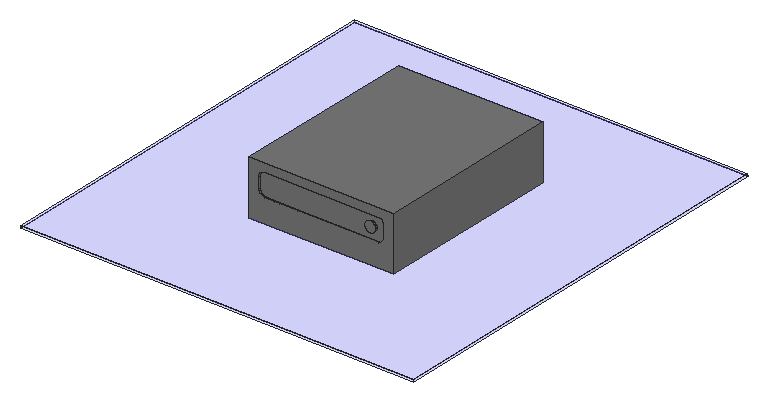
Revit family "QSC QIO-S4,IR1x4,GP8x8", category Communication Devices, host Face, Revit 2018
Family settings
  Host = Face
  Maintain Annotation Orientation = No
  Round Connector Dimension = Use Diameter
  Part Type = Normal
  Cut with Voids When Loaded = No
  Shared = No
  Room Calculation Point = No
Parameters (values of type "QIO-GP8x8")
  Width = 108 mm  # constant formula
  Weight Product (lb) = 1.18  # constant formula
  Weight Product (kg) = 0.54  # constant formula
  Voltage DC = "24 VDC, or PoE 802.3af Type 1"  # constant formula
  URL = "https://www.qsc.com/products-solutions/q-sys/control-io-controllers/qio-series/"
  Temperature min = "0° C"  # constant formula
  Temperature Max = "50° C"  # constant formula
  Show Surface Mount [instance] = no
  Regulatory Compliance = "FCC 47 CFR Part 15, IC ICES-003, CE (EN55032, EN55035), EU RoHS directive 2011/65/EU, WEEE directive 2012/19/EU, China RoHS directive GB/T26572, EAC, UL, C-UL, NOM-019"  # constant formula
  Rack Units = 1  # constant formula
  Product Page URL = "https://www.qsc.com/products-solutions/q-sys/control-io-controllers/qio-series/"
  Product Documentation Link = "https://www.qsc.com/resource-files/productresources/dn/qio_series/q_dn_qsys_qio_gp8x8_specs.pdf"
  Mounting Width = 108 mm  # constant formula
  Mount Type = "Surface or Rack"  # constant formula
  Model = "QIO-GP8x8"
  Manufacturer URL = "http://www.qsc.com"
  Manufacturer = "QSC, LLC"  # constant formula
  Height = 40.4 mm  # constant formula
  Description = "Network GPIO Expander for Q-SYS"
  Depth = 139.7 mm  # constant formula
  Default Elevation = 0 mm
  Current Draw = 2.5  # constant formula
  Enclosure Material [instance] = Dark Gray Finish
  Communication Ports = "8 CONFIGURABLE GPI, 8 CONFIGURABLE GPO, LAN, LAN (THRU)"
Types (4, lengths in mm): name | Product Documentation Link | Model | Description | Communication Ports
  (no name) | "https://www.qsc.com/resource-files/productresources/dn/qio_series/q_dn_qsys_qio_gp8x8_specs.pdf" | "QIO-GP8x8" | "Network GPIO Expander for Q-SYS" | "8 CONFIGURABLE GPI, 8 CONFIGURABLE GPO, LAN, LAN (THRU)"
  QIO-S4 | "https://www.qsc.com/resource-files/productresources/dn/qio_series/q_dn_qsys_qio_s4_specs.pdf" | "QIO-S4" | "Network Serial I/O Expander for Q-SYS" | "1 RS-232/485/422, 3 RS-232, LAN, LAN (THRU)"
  QIO-IR1x4 | "https://www.qsc.com/resource-files/productresources/dn/qio_series/q_dn_qsys_qio_ir1x4_specs.pdf" | "QIO-IR1x4" | "Network IR I/O Expander for Q-SYS" | "4 IR/RS-232 (TX ONLY), 1 IR INPUT, LAN, LAN (THRU)"
  QIO-GP8x8 | "https://www.qsc.com/resource-files/productresources/dn/qio_series/q_dn_qsys_qio_gp8x8_specs.pdf" | "QIO-GP8x8" | "Network GPIO Expander for Q-SYS" | "8 CONFIGURABLE GPI, 8 CONFIGURABLE GPO, LAN, LAN (THRU)"
Reference planes
  plane 1 "Center (Front/Back)": y = 0
  plane 2: z = 0
  plane 3 "Center (Left/Right)": x = 0
  plane 4 "Left": x = -54
  plane 5 "Right": x = 54
  plane 6 "Back": y = 69.85
  plane 7 "Front": y = -69.85
  plane 8 "Top": z = 40.4
  plane 9: x = 69.509
  plane 10: x = -69.509
  plane 11: y = -24.997
  plane 12: y = 24.997
Forms (mm)
  Extrusion 1, solid, material "Glass"
    sketch origin (0, 0, 0) x (1, 0, 0) y (0, 1, 0)
      loop
        line (-152.4, 152.4) -> (-152.4, -160.792) -> (141.744, -160.792) -> (141.744, 152.4) -> (-152.4, 152.4)
    from 0 to -2.007
  Extrusion 2, solid, material "Dark Gray Finish" <- "Enclosure Material", visible <- "Show Surface Mount"
    sketch origin (0, 0, 0) x (1, 0, 0) y (0, 1, 0)
      loop
        line (-69.509, 24.997) -> (-69.509, -24.997) -> (69.509, -24.997) -> (69.509, 24.997) -> (-69.509, 24.997)
      loop
        circle (-62.544, -18) r 2.75
      loop
        circle (62.456, -18) r 2.75
      loop
        circle (-62.544, 18) r 2.75
      loop
        circle (62.456, 18) r 2.75
      loop
        arc (-64.844, -7.75) -> (-62.544, -10.05) -> (-60.244, -7.75) r 2.3
        line (-60.244, -7.75) -> (-60.244, -3.633)
        arc (-60.244, -3.633) -> (-58.244, 0) -> (-60.244, 3.633) r 4.3
        line (-60.244, 3.633) -> (-60.244, 7.75)
        arc (-60.244, 7.75) -> (-62.544, 10.05) -> (-64.844, 7.75) r 2.3
        line (-64.844, 7.75) -> (-64.844, 3.633)
        arc (-64.844, 3.633) -> (-66.844, 0) -> (-64.844, -3.633) r 4.3
        line (-64.844, -3.633) -> (-64.844, -7.75)
      loop
        arc (59.656, -7.75) -> (61.956, -10.05) -> (64.256, -7.75) r 2.3
        line (64.256, -7.75) -> (64.256, -3.633)
        arc (64.256, -3.633) -> (66.256, 0) -> (64.256, 3.633) r 4.3
        line (64.256, 3.633) -> (64.256, 7.75)
        arc (64.256, 7.75) -> (61.956, 10.05) -> (59.656, 7.75) r 2.3
        line (59.656, 7.75) -> (59.656, 3.633)
        arc (59.656, 3.633) -> (57.656, 0) -> (59.656, -3.633) r 4.3
        line (59.656, -3.633) -> (59.656, -7.75)
    from 0 to 1
  Extrusion 3, solid, material "Dark Gray Finish" <- "Enclosure Material"
    sketch origin (0, 0, 0) x (1, 0, 0) y (0, 1, 0)
      loop
        line (-54, 69.85) -> (-54, -69.85) -> (54, -69.85) -> (54, 69.85) -> (-54, 69.85)
    from 0 to 40.4
  Extrusion 4, void
    sketch origin (0, -69.85, 0) x (-1, 0, 0) y (0, 0, 1)
      loop
        line (42.144, 34.475) -> (-42.556, 34.475)
        arc (-42.556, 34.475) -> (-45.738, 33.157) -> (-47.056, 29.975) r 4.5
        line (-47.056, 29.975) -> (-47.056, 21.875)
        arc (-47.056, 21.875) -> (-45.738, 18.693) -> (-42.556, 17.375) r 4.5
        line (-42.556, 17.375) -> (42.144, 17.375)
        arc (42.144, 17.375) -> (45.326, 18.693) -> (46.644, 21.875) r 4.5
        line (46.644, 21.875) -> (46.644, 29.975)
        arc (46.644, 29.975) -> (45.326, 33.157) -> (42.144, 34.475) r 4.5
      loop
        circle (-36.788, 25.599) r 4
    from 0 to 1
  Extrusion 5, void
    sketch origin (-129.576, 69.85, 1219.2) x (1, 0, 0) y (0, 0, 1)
      loop
        line (92.395, -1184.496) -> (83.895, -1184.496) -> (83.895, -1192.996) -> (92.395, -1192.996) -> (92.395, -1184.496)
      loop
        line (92.395, -1204.961) -> (83.895, -1204.961) -> (83.895, -1213.461) -> (92.395, -1213.461) -> (92.395, -1204.961)
      loop
        line (112.609, -1197.019) -> (112.609, -1189.519) -> (110.109, -1189.519) -> (110.109, -1188.269) -> (109.328, -1188.269) -> (109.328, -1187.019) -> (102.889, -1187.019) -> (102.889, -1188.269) -> (102.109, -1188.269) -> (102.109, -1189.519) -> (99.609, -1189.519) -> (99.609, -1197.019) -> (112.609, -1197.019)
      loop
        line (112.609, -1202.334) -> (99.609, -1202.334) -> (99.609, -1209.834) -> (102.109, -1209.834) -> (102.109, -1211.084) -> (102.889, -1211.084) -> (102.889, -1212.334) -> (109.328, -1212.334) -> (109.328, -1211.084) -> (110.109, -1211.084) -> (110.109, -1209.834) -> (112.609, -1209.834) -> (112.609, -1202.334)
      loop
        line (114.72, -1186.135) -> (97.72, -1186.135) -> (97.72, -1213.135) -> (114.72, -1213.135) -> (114.72, -1186.135)
      loop
        line (115.22, -1185.635) -> (97.22, -1185.635) -> (97.22, -1213.635) -> (115.22, -1213.635) -> (115.22, -1185.635)
      loop
        line (125.125, -1213.59) -> (171.125, -1213.59) -> (171.125, -1185.635) -> (125.125, -1185.635) -> (125.125, -1213.59)
    from 0 to 1
  Extrusion 6, solid, material "Dark Gray Finish" <- "Enclosure Material", visible <- "Show Surface Mount"
    sketch origin (-54, 0, 0) x (0, 1, 0) y (0, 0, 1)
      loop
        line (24.997, 0) -> (24.997, 21.098)
        arc (24.997, 21.098) -> (19.96, 27.073) -> (13.325, 31.2) r 25
        line (13.325, 31.2) -> (-13.318, 31.2)
        arc (-13.318, 31.2) -> (-19.958, 27.068) -> (-24.997, 21.087) r 25
        line (-24.997, 21.087) -> (-24.997, 0) -> (24.997, 0)
      loop
        circle (15.05, 21.2) r 2.25
      loop
        circle (-14.95, 21.2) r 2.25
    from -1 to 110
  Extrusion 7, void
    sketch origin (-213.601, 0, 0) x (0, 1, 0) y (0, 0, 1)
      loop
        line (24.997, 31.2) -> (-24.997, 31.2) -> (-24.997, 0) -> (24.997, 0) -> (24.997, 31.2)
    from 159.601 to 267.601
Cuts and joins
  Extrusion 4, Extrusion 5 cuts Extrusion 3
  Extrusion 7 cuts Extrusion 2
  Extrusion 7 cuts Extrusion 6
  joined: Extrusion 2, Extrusion 6
Lines and regions (mm)
  model lines
    curve 1: circle (-47.041, -69.85, 4.815) r 1.5 normal (0, 1, 0)
    curve 2: circle (-42.541, -69.85, 4.815) r 1.5 normal (0, 1, 0)
    curve 3: circle (-38.041, -69.85, 4.815) r 1.5 normal (0, 1, 0)
    curve 4: circle (-33.541, -69.85, 4.815) r 1.5 normal (0, 1, 0)
    curve 5: circle (-29.041, -69.85, 4.815) r 1.5 normal (0, 1, 0)
    curve 6: circle (-24.541, -69.85, 4.815) r 1.5 normal (0, 1, 0)
    curve 7: circle (-20.041, -69.85, 4.815) r 1.5 normal (0, 1, 0)
    curve 8: circle (-15.541, -69.85, 4.815) r 1.5 normal (0, 1, 0)
    curve 9: circle (-11.041, -69.85, 4.815) r 1.5 normal (0, 1, 0)
    curve 10: circle (-6.541, -69.85, 4.815) r 1.5 normal (0, 1, 0)
    curve 11: circle (-2.041, -69.85, 4.815) r 1.5 normal (0, 1, 0)
    curve 12: circle (2.459, -69.85, 4.815) r 1.5 normal (0, 1, 0)
    curve 13: circle (6.959, -69.85, 4.815) r 1.5 normal (0, 1, 0)
    curve 14: circle (11.459, -69.85, 4.815) r 1.5 normal (0, 1, 0)
    curve 15: circle (15.959, -69.85, 4.815) r 1.5 normal (0, 1, 0)
    curve 16: circle (20.459, -69.85, 4.815) r 1.5 normal (0, 1, 0)
    curve 17: circle (24.959, -69.85, 4.815) r 1.5 normal (0, 1, 0)
    curve 18: circle (29.459, -69.85, 4.815) r 1.5 normal (0, 1, 0)
    curve 19: circle (33.959, -69.85, 4.815) r 1.5 normal (0, 1, 0)
    curve 20: circle (38.459, -69.85, 4.815) r 1.5 normal (0, 1, 0)
    curve 21: circle (42.959, -69.85, 4.815) r 1.5 normal (0, 1, 0)
    curve 22: circle (47.459, -69.85, 4.815) r 1.5 normal (0, 1, 0)
    curve 23: circle (-47.041, -69.85, 9.815) r 1.5 normal (0, 1, 0)
    curve 24: circle (-42.541, -69.85, 9.815) r 1.5 normal (0, 1, 0)
    curve 25: circle (-38.041, -69.85, 9.815) r 1.5 normal (0, 1, 0)
    curve 26: circle (-33.541, -69.85, 9.815) r 1.5 normal (0, 1, 0)
    curve 27: circle (-29.041, -69.85, 9.815) r 1.5 normal (0, 1, 0)
    curve 28: circle (-24.541, -69.85, 9.815) r 1.5 normal (0, 1, 0)
    curve 29: circle (-20.041, -69.85, 9.815) r 1.5 normal (0, 1, 0)
    curve 30: circle (-15.541, -69.85, 9.815) r 1.5 normal (0, 1, 0)
    curve 31: circle (-11.041, -69.85, 9.815) r 1.5 normal (0, 1, 0)
    curve 32: circle (-6.541, -69.85, 9.815) r 1.5 normal (0, 1, 0)
    curve 33: circle (-2.041, -69.85, 9.815) r 1.5 normal (0, 1, 0)
    curve 34: circle (2.459, -69.85, 9.815) r 1.5 normal (0, 1, 0)
    curve 35: circle (6.959, -69.85, 9.815) r 1.5 normal (0, 1, 0)
    curve 36: circle (11.459, -69.85, 9.815) r 1.5 normal (0, 1, 0)
    curve 37: circle (15.959, -69.85, 9.815) r 1.5 normal (0, 1, 0)
    curve 38: circle (20.459, -69.85, 9.815) r 1.5 normal (0, 1, 0)
    curve 39: circle (24.959, -69.85, 9.815) r 1.5 normal (0, 1, 0)
    curve 40: circle (29.459, -69.85, 9.815) r 1.5 normal (0, 1, 0)
    curve 41: circle (33.959, -69.85, 9.815) r 1.5 normal (0, 1, 0)
    curve 42: circle (38.459, -69.85, 9.815) r 1.5 normal (0, 1, 0)
    curve 43: circle (42.959, -69.85, 9.815) r 1.5 normal (0, 1, 0)
    curve 44: circle (47.459, -69.85, 9.815) r 1.5 normal (0, 1, 0)
    curve 45: circle (-47.041, -69.85, 14.815) r 1.5 normal (0, 1, 0)
    curve 46: circle (-42.541, -69.85, 14.815) r 1.5 normal (0, 1, 0)
    curve 47: circle (-38.041, -69.85, 14.815) r 1.5 normal (0, 1, 0)
    curve 48: circle (-33.541, -69.85, 14.815) r 1.5 normal (0, 1, 0)
    curve 49: circle (-29.041, -69.85, 14.815) r 1.5 normal (0, 1, 0)
    curve 50: circle (-24.541, -69.85, 14.815) r 1.5 normal (0, 1, 0)
    curve 51: circle (-20.041, -69.85, 14.815) r 1.5 normal (0, 1, 0)
    curve 52: circle (-15.541, -69.85, 14.815) r 1.5 normal (0, 1, 0)
    curve 53: circle (-11.041, -69.85, 14.815) r 1.5 normal (0, 1, 0)
    curve 54: circle (-6.541, -69.85, 14.815) r 1.5 normal (0, 1, 0)
    curve 55: circle (-2.041, -69.85, 14.815) r 1.5 normal (0, 1, 0)
    curve 56: circle (2.459, -69.85, 14.815) r 1.5 normal (0, 1, 0)
    curve 57: circle (6.959, -69.85, 14.815) r 1.5 normal (0, 1, 0)
    curve 58: circle (11.459, -69.85, 14.815) r 1.5 normal (0, 1, 0)
    curve 59: circle (15.959, -69.85, 14.815) r 1.5 normal (0, 1, 0)
    curve 60: circle (20.459, -69.85, 14.815) r 1.5 normal (0, 1, 0)
    curve 61: circle (24.959, -69.85, 14.815) r 1.5 normal (0, 1, 0)
    curve 62: circle (29.459, -69.85, 14.815) r 1.5 normal (0, 1, 0)
    curve 63: circle (33.959, -69.85, 14.815) r 1.5 normal (0, 1, 0)
    curve 64: circle (38.459, -69.85, 14.815) r 1.5 normal (0, 1, 0)
    curve 65: circle (42.959, -69.85, 14.815) r 1.5 normal (0, 1, 0)
    curve 66: circle (47.459, -69.85, 14.815) r 1.5 normal (0, 1, 0)
    curve 67: line (52.003, 69.85, 38.348) -> (48.503, 69.85, 38.348)
    curve 68: line (52.003, 69.85, 34.848) -> (52.003, 69.85, 38.348)
    curve 69: line (48.503, 69.85, 34.848) -> (52.003, 69.85, 34.848)
    curve 70: line (48.503, 69.85, 38.348) -> (48.503, 69.85, 34.848)
    curve 71: line (47.103, 69.85, 38.348) -> (43.603, 69.85, 38.348)
    curve 72: line (47.103, 69.85, 34.848) -> (47.103, 69.85, 38.348)
    curve 73: line (43.603, 69.85, 34.848) -> (47.103, 69.85, 34.848)
    curve 74: line (43.603, 69.85, 38.348) -> (43.603, 69.85, 34.848)
    curve 75: line (52.003, 69.85, 33.448) -> (48.503, 69.85, 33.448)
    curve 76: line (52.003, 69.85, 29.948) -> (52.003, 69.85, 33.448)
    curve 77: line (48.503, 69.85, 29.948) -> (52.003, 69.85, 29.948)
    curve 78: line (48.503, 69.85, 33.448) -> (48.503, 69.85, 29.948)
    curve 79: line (47.103, 69.85, 33.448) -> (43.603, 69.85, 33.448)
    curve 80: line (47.103, 69.85, 29.948) -> (47.103, 69.85, 33.448)
    curve 81: line (43.603, 69.85, 29.948) -> (47.103, 69.85, 29.948)
    curve 82: line (43.603, 69.85, 33.448) -> (43.603, 69.85, 29.948)
    curve 83: line (52.003, 69.85, 28.548) -> (48.503, 69.85, 28.548)
    curve 84: line (52.003, 69.85, 25.048) -> (52.003, 69.85, 28.548)
    curve 85: line (48.503, 69.85, 25.048) -> (52.003, 69.85, 25.048)
    curve 86: line (48.503, 69.85, 28.548) -> (48.503, 69.85, 25.048)
    curve 87: line (47.103, 69.85, 28.548) -> (43.603, 69.85, 28.548)
    curve 88: line (47.103, 69.85, 25.048) -> (47.103, 69.85, 28.548)
    curve 89: line (43.603, 69.85, 25.048) -> (47.103, 69.85, 25.048)
    curve 90: line (43.603, 69.85, 28.548) -> (43.603, 69.85, 25.048)
    curve 91: line (-6.797, 69.85, 28.548) -> (-10.297, 69.85, 28.548)
    curve 92: line (-6.797, 69.85, 25.048) -> (-6.797, 69.85, 28.548)
    curve 93: line (-10.297, 69.85, 25.048) -> (-6.797, 69.85, 25.048)
    curve 94: line (-10.297, 69.85, 28.548) -> (-10.297, 69.85, 25.048)
    curve 95: line (52.003, 69.85, 23.648) -> (48.503, 69.85, 23.648)
    curve 96: line (52.003, 69.85, 20.148) -> (52.003, 69.85, 23.648)
    curve 97: line (48.503, 69.85, 20.148) -> (52.003, 69.85, 20.148)
    curve 98: line (48.503, 69.85, 23.648) -> (48.503, 69.85, 20.148)
    curve 99: line (47.103, 69.85, 23.648) -> (43.603, 69.85, 23.648)
    curve 100: line (47.103, 69.85, 20.148) -> (47.103, 69.85, 23.648)
    curve 101: line (43.603, 69.85, 20.148) -> (47.103, 69.85, 20.148)
    curve 102: line (43.603, 69.85, 23.648) -> (43.603, 69.85, 20.148)
    curve 103: line (-6.797, 69.85, 23.648) -> (-10.297, 69.85, 23.648)
    curve 104: line (-6.797, 69.85, 20.148) -> (-6.797, 69.85, 23.648)
    curve 105: line (-10.297, 69.85, 20.148) -> (-6.797, 69.85, 20.148)
    curve 106: line (-10.297, 69.85, 23.648) -> (-10.297, 69.85, 20.148)
    curve 107: line (52.003, 69.85, 18.748) -> (48.503, 69.85, 18.748)
    curve 108: line (52.003, 69.85, 15.248) -> (52.003, 69.85, 18.748)
    curve 109: line (48.503, 69.85, 15.248) -> (52.003, 69.85, 15.248)
    curve 110: line (48.503, 69.85, 18.748) -> (48.503, 69.85, 15.248)
    curve 111: line (47.103, 69.85, 18.748) -> (43.603, 69.85, 18.748)
    curve 112: line (47.103, 69.85, 15.248) -> (47.103, 69.85, 18.748)
    curve 113: line (43.603, 69.85, 15.248) -> (47.103, 69.85, 15.248)
    curve 114: line (43.603, 69.85, 18.748) -> (43.603, 69.85, 15.248)
    curve 115: line (-6.797, 69.85, 18.748) -> (-10.297, 69.85, 18.748)
    curve 116: line (-6.797, 69.85, 15.248) -> (-6.797, 69.85, 18.748)
    curve 117: line (-10.297, 69.85, 15.248) -> (-6.797, 69.85, 15.248)
    curve 118: line (-10.297, 69.85, 18.748) -> (-10.297, 69.85, 15.248)
    curve 119: line (52.003, 69.85, 13.848) -> (48.503, 69.85, 13.848)
    curve 120: line (52.003, 69.85, 10.348) -> (52.003, 69.85, 13.848)
    curve 121: line (48.503, 69.85, 10.348) -> (52.003, 69.85, 10.348)
    curve 122: line (48.503, 69.85, 13.848) -> (48.503, 69.85, 10.348)
    curve 123: line (47.103, 69.85, 13.848) -> (43.603, 69.85, 13.848)
    curve 124: line (47.103, 69.85, 10.348) -> (47.103, 69.85, 13.848)
    curve 125: line (43.603, 69.85, 10.348) -> (47.103, 69.85, 10.348)
    curve 126: line (43.603, 69.85, 13.848) -> (43.603, 69.85, 10.348)
    curve 127: line (52.003, 69.85, 8.948) -> (48.503, 69.85, 8.948)
    curve 128: line (52.003, 69.85, 5.448) -> (52.003, 69.85, 8.948)
    curve 129: line (48.503, 69.85, 5.448) -> (52.003, 69.85, 5.448)
    curve 130: line (48.503, 69.85, 8.948) -> (48.503, 69.85, 5.448)
    curve 131: line (47.103, 69.85, 8.948) -> (43.603, 69.85, 8.948)
    curve 132: line (47.103, 69.85, 5.448) -> (47.103, 69.85, 8.948)
    curve 133: line (43.603, 69.85, 5.448) -> (47.103, 69.85, 5.448)
    curve 134: line (43.603, 69.85, 8.948) -> (43.603, 69.85, 5.448)
    curve 135: line (-47.997, 69.85, 38.348) -> (-51.497, 69.85, 38.348)
    curve 136: line (-47.997, 69.85, 34.848) -> (-47.997, 69.85, 38.348)
    curve 137: line (-51.497, 69.85, 34.848) -> (-47.997, 69.85, 34.848)
    curve 138: line (-51.497, 69.85, 38.348) -> (-51.497, 69.85, 34.848)
    curve 139: line (-47.997, 69.85, 33.448) -> (-51.497, 69.85, 33.448)
    curve 140: line (-47.997, 69.85, 29.948) -> (-47.997, 69.85, 33.448)
    curve 141: line (-51.497, 69.85, 29.948) -> (-47.997, 69.85, 29.948)
    curve 142: line (-51.497, 69.85, 33.448) -> (-51.497, 69.85, 29.948)
    curve 143: line (-47.997, 69.85, 28.548) -> (-51.497, 69.85, 28.548)
    curve 144: line (-47.997, 69.85, 25.048) -> (-47.997, 69.85, 28.548)
    curve 145: line (-51.497, 69.85, 25.048) -> (-47.997, 69.85, 25.048)
    curve 146: line (-51.497, 69.85, 28.548) -> (-51.497, 69.85, 25.048)
    curve 147: line (-47.997, 69.85, 23.648) -> (-51.497, 69.85, 23.648)
    curve 148: line (-47.997, 69.85, 20.148) -> (-47.997, 69.85, 23.648)
    curve 149: line (-51.497, 69.85, 20.148) -> (-47.997, 69.85, 20.148)
    curve 150: line (-51.497, 69.85, 23.648) -> (-51.497, 69.85, 20.148)
    curve 151: line (-47.997, 69.85, 18.748) -> (-51.497, 69.85, 18.748)
    curve 152: line (-47.997, 69.85, 15.248) -> (-47.997, 69.85, 18.748)
    curve 153: line (-51.497, 69.85, 15.248) -> (-47.997, 69.85, 15.248)
    curve 154: line (-51.497, 69.85, 18.748) -> (-51.497, 69.85, 15.248)
    curve 155: line (-47.997, 69.85, 13.848) -> (-51.497, 69.85, 13.848)
    curve 156: line (-47.997, 69.85, 10.348) -> (-47.997, 69.85, 13.848)
    curve 157: line (-51.497, 69.85, 10.348) -> (-47.997, 69.85, 10.348)
    curve 158: line (-51.497, 69.85, 13.848) -> (-51.497, 69.85, 10.348)
    curve 159: line (-47.997, 31.75, 8.948) -> (-51.497, 31.75, 8.948)
    curve 160: line (-47.997, 31.75, 5.448) -> (-47.997, 31.75, 8.948)
    curve 161: line (-51.497, 31.75, 5.448) -> (-47.997, 31.75, 5.448)
    curve 162: line (-51.497, 31.75, 8.948) -> (-51.497, 31.75, 5.448)
    curve 379: circle (-54, 34.299, 26.504) r 1.5 normal (-1, 0, 0)
    curve 380: circle (-54, 38.799, 26.504) r 1.5 normal (-1, 0, 0)
    curve 381: circle (-54, 43.299, 26.504) r 1.5 normal (-1, 0, 0)
    curve 382: circle (-54, 47.799, 26.504) r 1.5 normal (-1, 0, 0)
    curve 383: circle (-54, 52.299, 26.504) r 1.5 normal (-1, 0, 0)
    curve 384: circle (-54, 56.799, 26.504) r 1.5 normal (-1, 0, 0)
    curve 385: circle (-54, 61.299, 26.504) r 1.5 normal (-1, 0, 0)
    curve 386: circle (-54, 65.799, 26.504) r 1.5 normal (-1, 0, 0)
    curve 387: circle (-54, 29.799, 31.504) r 1.5 normal (-1, 0, 0)
    curve 388: circle (-54, 34.299, 31.504) r 1.5 normal (-1, 0, 0)
    curve 389: circle (-54, 38.799, 31.504) r 1.5 normal (-1, 0, 0)
    curve 390: circle (-54, 43.299, 31.504) r 1.5 normal (-1, 0, 0)
    curve 391: circle (-54, 47.799, 31.504) r 1.5 normal (-1, 0, 0)
    curve 392: circle (-54, 52.299, 31.504) r 1.5 normal (-1, 0, 0)
    curve 393: circle (-54, 56.799, 31.504) r 1.5 normal (-1, 0, 0)
    curve 394: circle (-54, 61.299, 31.504) r 1.5 normal (-1, 0, 0)
    curve 395: circle (-54, 65.799, 31.504) r 1.5 normal (-1, 0, 0)
    curve 396: circle (-54, 25.299, 36.504) r 1.5 normal (-1, 0, 0)
    curve 397: circle (-54, 29.799, 36.504) r 1.5 normal (-1, 0, 0)
    curve 398: circle (-54, 34.299, 36.504) r 1.5 normal (-1, 0, 0)
    curve 399: circle (-54, 38.799, 36.504) r 1.5 normal (-1, 0, 0)
    curve 400: circle (-54, 43.299, 36.504) r 1.5 normal (-1, 0, 0)
    curve 401: circle (-54, 47.799, 36.504) r 1.5 normal (-1, 0, 0)
    curve 402: circle (-54, 52.299, 36.504) r 1.5 normal (-1, 0, 0)
    curve 403: circle (-54, 56.799, 36.504) r 1.5 normal (-1, 0, 0)
    curve 404: circle (-54, 61.299, 36.504) r 1.5 normal (-1, 0, 0)
    curve 405: circle (-54, 65.799, 36.504) r 1.5 normal (-1, 0, 0)
    curve 406: circle (54, 34.299, 26.504) r 1.5 normal (-1, 0, 0)
    curve 407: circle (54, 38.799, 26.504) r 1.5 normal (-1, 0, 0)
    curve 408: circle (54, 43.299, 26.504) r 1.5 normal (-1, 0, 0)
    curve 409: circle (54, 47.799, 26.504) r 1.5 normal (-1, 0, 0)
    curve 410: circle (54, 52.299, 26.504) r 1.5 normal (-1, 0, 0)
    curve 411: circle (54, 56.799, 26.504) r 1.5 normal (-1, 0, 0)
    curve 412: circle (54, 61.299, 26.504) r 1.5 normal (-1, 0, 0)
    curve 413: circle (54, 65.799, 26.504) r 1.5 normal (-1, 0, 0)
    curve 414: circle (54, 29.799, 31.504) r 1.5 normal (-1, 0, 0)
    curve 415: circle (54, 34.299, 31.504) r 1.5 normal (-1, 0, 0)
    curve 416: circle (54, 38.799, 31.504) r 1.5 normal (-1, 0, 0)
    curve 417: circle (54, 43.299, 31.504) r 1.5 normal (-1, 0, 0)
    curve 418: circle (54, 47.799, 31.504) r 1.5 normal (-1, 0, 0)
    curve 419: circle (54, 52.299, 31.504) r 1.5 normal (-1, 0, 0)
    curve 420: circle (54, 56.799, 31.504) r 1.5 normal (-1, 0, 0)
    curve 421: circle (54, 61.299, 31.504) r 1.5 normal (-1, 0, 0)
    curve 422: circle (54, 65.799, 31.504) r 1.5 normal (-1, 0, 0)
    curve 423: circle (54, 25.299, 36.504) r 1.5 normal (-1, 0, 0)
    curve 424: circle (54, 29.799, 36.504) r 1.5 normal (-1, 0, 0)
    curve 425: circle (54, 34.299, 36.504) r 1.5 normal (-1, 0, 0)
    curve 426: circle (54, 38.799, 36.504) r 1.5 normal (-1, 0, 0)
    curve 427: circle (54, 43.299, 36.504) r 1.5 normal (-1, 0, 0)
    curve 428: circle (54, 47.799, 36.504) r 1.5 normal (-1, 0, 0)
    curve 429: circle (54, 52.299, 36.504) r 1.5 normal (-1, 0, 0)
    curve 430: circle (54, 56.799, 36.504) r 1.5 normal (-1, 0, 0)
    curve 431: circle (54, 61.299, 36.504) r 1.5 normal (-1, 0, 0)
    curve 432: circle (54, 65.799, 36.504) r 1.5 normal (-1, 0, 0)
  model lines, not visible
    curve 163: line (52.003, 107.95, 38.348) -> (48.503, 107.95, 38.348)
    curve 164: line (52.003, 107.95, 34.848) -> (52.003, 107.95, 38.348)
    curve 165: line (48.503, 107.95, 34.848) -> (52.003, 107.95, 34.848)
    curve 166: line (48.503, 107.95, 38.348) -> (48.503, 107.95, 34.848)
    curve 167: line (47.103, 107.95, 38.348) -> (43.603, 107.95, 38.348)
    curve 168: line (47.103, 107.95, 34.848) -> (47.103, 107.95, 38.348)
    curve 169: line (43.603, 107.95, 34.848) -> (47.103, 107.95, 34.848)
    curve 170: line (43.603, 107.95, 38.348) -> (43.603, 107.95, 34.848)
    curve 171: line (52.003, 107.95, 33.448) -> (48.503, 107.95, 33.448)
    curve 172: line (52.003, 107.95, 29.948) -> (52.003, 107.95, 33.448)
    curve 173: line (48.503, 107.95, 29.948) -> (52.003, 107.95, 29.948)
    curve 174: line (48.503, 107.95, 33.448) -> (48.503, 107.95, 29.948)
    curve 175: line (47.103, 107.95, 33.448) -> (43.603, 107.95, 33.448)
    curve 176: line (47.103, 107.95, 29.948) -> (47.103, 107.95, 33.448)
    curve 177: line (43.603, 107.95, 29.948) -> (47.103, 107.95, 29.948)
    curve 178: line (43.603, 107.95, 33.448) -> (43.603, 107.95, 29.948)
    curve 179: line (52.003, 107.95, 28.548) -> (48.503, 107.95, 28.548)
    curve 180: line (52.003, 107.95, 25.048) -> (52.003, 107.95, 28.548)
    curve 181: line (48.503, 107.95, 25.048) -> (52.003, 107.95, 25.048)
    curve 182: line (48.503, 107.95, 28.548) -> (48.503, 107.95, 25.048)
    curve 183: line (47.103, 107.95, 28.548) -> (43.603, 107.95, 28.548)
    curve 184: line (47.103, 107.95, 25.048) -> (47.103, 107.95, 28.548)
    curve 185: line (43.603, 107.95, 25.048) -> (47.103, 107.95, 25.048)
    curve 186: line (43.603, 107.95, 28.548) -> (43.603, 107.95, 25.048)
    curve 187: line (-6.797, 107.95, 28.548) -> (-10.297, 107.95, 28.548)
    curve 188: line (-6.797, 107.95, 25.048) -> (-6.797, 107.95, 28.548)
    curve 189: line (-10.297, 107.95, 25.048) -> (-6.797, 107.95, 25.048)
    curve 190: line (-10.297, 107.95, 28.548) -> (-10.297, 107.95, 25.048)
    curve 191: line (52.003, 107.95, 23.648) -> (48.503, 107.95, 23.648)
    curve 192: line (52.003, 107.95, 20.148) -> (52.003, 107.95, 23.648)
    curve 193: line (48.503, 107.95, 20.148) -> (52.003, 107.95, 20.148)
    curve 194: line (48.503, 107.95, 23.648) -> (48.503, 107.95, 20.148)
    curve 195: line (47.103, 107.95, 23.648) -> (43.603, 107.95, 23.648)
    curve 196: line (47.103, 107.95, 20.148) -> (47.103, 107.95, 23.648)
    curve 197: line (43.603, 107.95, 20.148) -> (47.103, 107.95, 20.148)
    curve 198: line (43.603, 107.95, 23.648) -> (43.603, 107.95, 20.148)
    curve 199: line (-6.797, 107.95, 23.648) -> (-10.297, 107.95, 23.648)
    curve 200: line (-6.797, 107.95, 20.148) -> (-6.797, 107.95, 23.648)
    curve 201: line (-10.297, 107.95, 20.148) -> (-6.797, 107.95, 20.148)
    curve 202: line (-10.297, 107.95, 23.648) -> (-10.297, 107.95, 20.148)
    curve 203: line (52.003, 107.95, 18.748) -> (48.503, 107.95, 18.748)
    curve 204: line (52.003, 107.95, 15.248) -> (52.003, 107.95, 18.748)
    curve 205: line (48.503, 107.95, 15.248) -> (52.003, 107.95, 15.248)
    curve 206: line (48.503, 107.95, 18.748) -> (48.503, 107.95, 15.248)
    curve 207: line (47.103, 107.95, 18.748) -> (43.603, 107.95, 18.748)
    curve 208: line (47.103, 107.95, 15.248) -> (47.103, 107.95, 18.748)
    curve 209: line (43.603, 107.95, 15.248) -> (47.103, 107.95, 15.248)
    curve 210: line (43.603, 107.95, 18.748) -> (43.603, 107.95, 15.248)
    curve 211: line (-6.797, 107.95, 18.748) -> (-10.297, 107.95, 18.748)
    curve 212: line (-6.797, 107.95, 15.248) -> (-6.797, 107.95, 18.748)
    curve 213: line (-10.297, 107.95, 15.248) -> (-6.797, 107.95, 15.248)
    curve 214: line (-10.297, 107.95, 18.748) -> (-10.297, 107.95, 15.248)
    curve 215: line (52.003, 107.95, 13.848) -> (48.503, 107.95, 13.848)
    curve 216: line (52.003, 107.95, 10.348) -> (52.003, 107.95, 13.848)
    curve 217: line (48.503, 107.95, 10.348) -> (52.003, 107.95, 10.348)
    curve 218: line (48.503, 107.95, 13.848) -> (48.503, 107.95, 10.348)
    curve 219: line (47.103, 107.95, 13.848) -> (43.603, 107.95, 13.848)
    curve 220: line (47.103, 107.95, 10.348) -> (47.103, 107.95, 13.848)
    curve 221: line (43.603, 107.95, 10.348) -> (47.103, 107.95, 10.348)
    curve 222: line (43.603, 107.95, 13.848) -> (43.603, 107.95, 10.348)
    curve 223: line (52.003, 107.95, 8.948) -> (48.503, 107.95, 8.948)
    curve 224: line (52.003, 107.95, 5.448) -> (52.003, 107.95, 8.948)
    curve 225: line (48.503, 107.95, 5.448) -> (52.003, 107.95, 5.448)
    curve 226: line (48.503, 107.95, 8.948) -> (48.503, 107.95, 5.448)
    curve 227: line (47.103, 107.95, 8.948) -> (43.603, 107.95, 8.948)
    curve 228: line (47.103, 107.95, 5.448) -> (47.103, 107.95, 8.948)
    curve 229: line (43.603, 107.95, 5.448) -> (47.103, 107.95, 5.448)
    curve 230: line (43.603, 107.95, 8.948) -> (43.603, 107.95, 5.448)
    curve 231: line (-47.997, 107.95, 38.348) -> (-51.497, 107.95, 38.348)
    curve 232: line (-47.997, 107.95, 34.848) -> (-47.997, 107.95, 38.348)
    curve 233: line (-51.497, 107.95, 34.848) -> (-47.997, 107.95, 34.848)
    curve 234: line (-51.497, 107.95, 38.348) -> (-51.497, 107.95, 34.848)
    curve 235: line (-47.997, 107.95, 33.448) -> (-51.497, 107.95, 33.448)
    curve 236: line (-47.997, 107.95, 29.948) -> (-47.997, 107.95, 33.448)
    curve 237: line (-51.497, 107.95, 29.948) -> (-47.997, 107.95, 29.948)
    curve 238: line (-51.497, 107.95, 33.448) -> (-51.497, 107.95, 29.948)
    curve 239: line (-47.997, 107.95, 28.548) -> (-51.497, 107.95, 28.548)
    curve 240: line (-47.997, 107.95, 25.048) -> (-47.997, 107.95, 28.548)
    curve 241: line (-51.497, 107.95, 25.048) -> (-47.997, 107.95, 25.048)
    curve 242: line (-51.497, 107.95, 28.548) -> (-51.497, 107.95, 25.048)
    curve 243: line (-47.997, 107.95, 23.648) -> (-51.497, 107.95, 23.648)
    curve 244: line (-47.997, 107.95, 20.148) -> (-47.997, 107.95, 23.648)
    curve 245: line (-51.497, 107.95, 20.148) -> (-47.997, 107.95, 20.148)
    curve 246: line (-51.497, 107.95, 23.648) -> (-51.497, 107.95, 20.148)
    curve 247: line (-47.997, 107.95, 18.748) -> (-51.497, 107.95, 18.748)
    curve 248: line (-47.997, 107.95, 15.248) -> (-47.997, 107.95, 18.748)
    curve 249: line (-51.497, 107.95, 15.248) -> (-47.997, 107.95, 15.248)
    curve 250: line (-51.497, 107.95, 18.748) -> (-51.497, 107.95, 15.248)
    curve 251: line (-47.997, 107.95, 13.848) -> (-51.497, 107.95, 13.848)
    curve 252: line (-47.997, 107.95, 10.348) -> (-47.997, 107.95, 13.848)
    curve 253: line (-51.497, 107.95, 10.348) -> (-47.997, 107.95, 10.348)
    curve 254: line (-51.497, 107.95, 13.848) -> (-51.497, 107.95, 10.348)
    curve 255: line (-47.997, 69.85, 8.948) -> (-51.497, 69.85, 8.948)
    curve 256: line (-47.997, 69.85, 5.448) -> (-47.997, 69.85, 8.948)
    curve 257: line (-51.497, 69.85, 5.448) -> (-47.997, 69.85, 5.448)
    curve 258: line (-51.497, 69.85, 8.948) -> (-51.497, 69.85, 5.448)
    curve 259: circle (54.5, -69.924, 26.504) r 1.5 normal (1, 0, 0)
    curve 260: circle (54.5, -74.424, 26.504) r 1.5 normal (1, 0, 0)
    curve 261: circle (54.5, -78.924, 26.504) r 1.5 normal (1, 0, 0)
    curve 262: circle (54.5, -83.424, 26.504) r 1.5 normal (1, 0, 0)
    curve 263: circle (54.5, -87.924, 26.504) r 1.5 normal (1, 0, 0)
    curve 264: circle (54.5, -92.424, 26.504) r 1.5 normal (1, 0, 0)
    curve 265: circle (54.5, -96.924, 26.504) r 1.5 normal (1, 0, 0)
    curve 266: circle (54.5, -101.424, 26.504) r 1.5 normal (1, 0, 0)
    curve 267: circle (54.5, -65.424, 31.504) r 1.5 normal (1, 0, 0)
    curve 268: circle (54.5, -69.924, 31.504) r 1.5 normal (1, 0, 0)
    curve 269: circle (54.5, -74.424, 31.504) r 1.5 normal (1, 0, 0)
    curve 270: circle (54.5, -78.924, 31.504) r 1.5 normal (1, 0, 0)
    curve 271: circle (54.5, -83.424, 31.504) r 1.5 normal (1, 0, 0)
    curve 272: circle (54.5, -87.924, 31.504) r 1.5 normal (1, 0, 0)
    curve 273: circle (54.5, -92.424, 31.504) r 1.5 normal (1, 0, 0)
    curve 274: circle (54.5, -96.924, 31.504) r 1.5 normal (1, 0, 0)
    curve 275: circle (54.5, -101.424, 31.504) r 1.5 normal (1, 0, 0)
    curve 276: circle (54.5, -60.924, 36.504) r 1.5 normal (1, 0, 0)
    curve 277: circle (54.5, -65.424, 36.504) r 1.5 normal (1, 0, 0)
    curve 278: circle (54.5, -69.924, 36.504) r 1.5 normal (1, 0, 0)
    curve 279: circle (54.5, -74.424, 36.504) r 1.5 normal (1, 0, 0)
    curve 280: circle (54.5, -78.924, 36.504) r 1.5 normal (1, 0, 0)
    curve 281: circle (54.5, -83.424, 36.504) r 1.5 normal (1, 0, 0)
    curve 282: circle (54.5, -87.924, 36.504) r 1.5 normal (1, 0, 0)
    curve 283: circle (54.5, -92.424, 36.504) r 1.5 normal (1, 0, 0)
    curve 284: circle (54.5, -96.924, 36.504) r 1.5 normal (1, 0, 0)
    curve 285: circle (54.5, -101.424, 36.504) r 1.5 normal (1, 0, 0)
    curve 286: circle (-54.5, -69.924, 26.504) r 1.5 normal (1, 0, 0)
    curve 287: circle (-54.5, -74.424, 26.504) r 1.5 normal (1, 0, 0)
    curve 288: circle (-54.5, -78.924, 26.504) r 1.5 normal (1, 0, 0)
    curve 289: circle (-54.5, -83.424, 26.504) r 1.5 normal (1, 0, 0)
    curve 290: circle (-54.5, -87.924, 26.504) r 1.5 normal (1, 0, 0)
    curve 291: circle (-54.5, -92.424, 26.504) r 1.5 normal (1, 0, 0)
    curve 292: circle (-54.5, -96.924, 26.504) r 1.5 normal (1, 0, 0)
    curve 293: circle (-54.5, -101.424, 26.504) r 1.5 normal (1, 0, 0)
    curve 294: circle (-54.5, -65.424, 31.504) r 1.5 normal (1, 0, 0)
    curve 295: circle (-54.5, -69.924, 31.504) r 1.5 normal (1, 0, 0)
    curve 296: circle (-54.5, -74.424, 31.504) r 1.5 normal (1, 0, 0)
    curve 297: circle (-54.5, -78.924, 31.504) r 1.5 normal (1, 0, 0)
    curve 298: circle (-54.5, -83.424, 31.504) r 1.5 normal (1, 0, 0)
    curve 299: circle (-54.5, -87.924, 31.504) r 1.5 normal (1, 0, 0)
    curve 300: circle (-54.5, -92.424, 31.504) r 1.5 normal (1, 0, 0)
    curve 301: circle (-54.5, -96.924, 31.504) r 1.5 normal (1, 0, 0)
    curve 302: circle (-54.5, -101.424, 31.504) r 1.5 normal (1, 0, 0)
    curve 303: circle (-54.5, -60.924, 36.504) r 1.5 normal (1, 0, 0)
    curve 304: circle (-54.5, -65.424, 36.504) r 1.5 normal (1, 0, 0)
    curve 305: circle (-54.5, -69.924, 36.504) r 1.5 normal (1, 0, 0)
    curve 306: circle (-54.5, -74.424, 36.504) r 1.5 normal (1, 0, 0)
    curve 307: circle (-54.5, -78.924, 36.504) r 1.5 normal (1, 0, 0)
    curve 308: circle (-54.5, -83.424, 36.504) r 1.5 normal (1, 0, 0)
    curve 309: circle (-54.5, -87.924, 36.504) r 1.5 normal (1, 0, 0)
    curve 310: circle (-54.5, -92.424, 36.504) r 1.5 normal (1, 0, 0)
    curve 311: circle (-54.5, -96.924, 36.504) r 1.5 normal (1, 0, 0)
    curve 312: circle (-54.5, -101.424, 36.504) r 1.5 normal (1, 0, 0)
    curve 313: circle (-47.041, -107.95, 4.815) r 1.5 normal (0, 1, 0)
    curve 314: circle (-42.541, -107.95, 4.815) r 1.5 normal (0, 1, 0)
    curve 315: circle (-38.041, -107.95, 4.815) r 1.5 normal (0, 1, 0)
    curve 316: circle (-33.541, -107.95, 4.815) r 1.5 normal (0, 1, 0)
    curve 317: circle (-29.041, -107.95, 4.815) r 1.5 normal (0, 1, 0)
    curve 318: circle (-24.541, -107.95, 4.815) r 1.5 normal (0, 1, 0)
    curve 319: circle (-20.041, -107.95, 4.815) r 1.5 normal (0, 1, 0)
    curve 320: circle (-15.541, -107.95, 4.815) r 1.5 normal (0, 1, 0)
    curve 321: circle (-11.041, -107.95, 4.815) r 1.5 normal (0, 1, 0)
    curve 322: circle (-6.541, -107.95, 4.815) r 1.5 normal (0, 1, 0)
    curve 323: circle (-2.041, -107.95, 4.815) r 1.5 normal (0, 1, 0)
    curve 324: circle (2.459, -107.95, 4.815) r 1.5 normal (0, 1, 0)
    curve 325: circle (6.959, -107.95, 4.815) r 1.5 normal (0, 1, 0)
    curve 326: circle (11.459, -107.95, 4.815) r 1.5 normal (0, 1, 0)
    curve 327: circle (15.959, -107.95, 4.815) r 1.5 normal (0, 1, 0)
    curve 328: circle (20.459, -107.95, 4.815) r 1.5 normal (0, 1, 0)
    curve 329: circle (24.959, -107.95, 4.815) r 1.5 normal (0, 1, 0)
    curve 330: circle (29.459, -107.95, 4.815) r 1.5 normal (0, 1, 0)
    curve 331: circle (33.959, -107.95, 4.815) r 1.5 normal (0, 1, 0)
    curve 332: circle (38.459, -107.95, 4.815) r 1.5 normal (0, 1, 0)
    curve 333: circle (42.959, -107.95, 4.815) r 1.5 normal (0, 1, 0)
    curve 334: circle (47.459, -107.95, 4.815) r 1.5 normal (0, 1, 0)
    curve 335: circle (-47.041, -107.95, 9.815) r 1.5 normal (0, 1, 0)
    curve 336: circle (-42.541, -107.95, 9.815) r 1.5 normal (0, 1, 0)
    curve 337: circle (-38.041, -107.95, 9.815) r 1.5 normal (0, 1, 0)
    curve 338: circle (-33.541, -107.95, 9.815) r 1.5 normal (0, 1, 0)
    curve 339: circle (-29.041, -107.95, 9.815) r 1.5 normal (0, 1, 0)
    curve 340: circle (-24.541, -107.95, 9.815) r 1.5 normal (0, 1, 0)
    curve 341: circle (-20.041, -107.95, 9.815) r 1.5 normal (0, 1, 0)
    curve 342: circle (-15.541, -107.95, 9.815) r 1.5 normal (0, 1, 0)
    curve 343: circle (-11.041, -107.95, 9.815) r 1.5 normal (0, 1, 0)
    curve 344: circle (-6.541, -107.95, 9.815) r 1.5 normal (0, 1, 0)
    curve 345: circle (-2.041, -107.95, 9.815) r 1.5 normal (0, 1, 0)
    curve 346: circle (2.459, -107.95, 9.815) r 1.5 normal (0, 1, 0)
    curve 347: circle (6.959, -107.95, 9.815) r 1.5 normal (0, 1, 0)
    curve 348: circle (11.459, -107.95, 9.815) r 1.5 normal (0, 1, 0)
    curve 349: circle (15.959, -107.95, 9.815) r 1.5 normal (0, 1, 0)
    curve 350: circle (20.459, -107.95, 9.815) r 1.5 normal (0, 1, 0)
    curve 351: circle (24.959, -107.95, 9.815) r 1.5 normal (0, 1, 0)
    curve 352: circle (29.459, -107.95, 9.815) r 1.5 normal (0, 1, 0)
    curve 353: circle (33.959, -107.95, 9.815) r 1.5 normal (0, 1, 0)
    curve 354: circle (38.459, -107.95, 9.815) r 1.5 normal (0, 1, 0)
    curve 355: circle (42.959, -107.95, 9.815) r 1.5 normal (0, 1, 0)
    curve 356: circle (47.459, -107.95, 9.815) r 1.5 normal (0, 1, 0)
    curve 357: circle (-47.041, -107.95, 14.815) r 1.5 normal (0, 1, 0)
    curve 358: circle (-42.541, -107.95, 14.815) r 1.5 normal (0, 1, 0)
    curve 359: circle (-38.041, -107.95, 14.815) r 1.5 normal (0, 1, 0)
    curve 360: circle (-33.541, -107.95, 14.815) r 1.5 normal (0, 1, 0)
    curve 361: circle (-29.041, -107.95, 14.815) r 1.5 normal (0, 1, 0)
    curve 362: circle (-24.541, -107.95, 14.815) r 1.5 normal (0, 1, 0)
    curve 363: circle (-20.041, -107.95, 14.815) r 1.5 normal (0, 1, 0)
    curve 364: circle (-15.541, -107.95, 14.815) r 1.5 normal (0, 1, 0)
    curve 365: circle (-11.041, -107.95, 14.815) r 1.5 normal (0, 1, 0)
    curve 366: circle (-6.541, -107.95, 14.815) r 1.5 normal (0, 1, 0)
    curve 367: circle (-2.041, -107.95, 14.815) r 1.5 normal (0, 1, 0)
    curve 368: circle (2.459, -107.95, 14.815) r 1.5 normal (0, 1, 0)
    curve 369: circle (6.959, -107.95, 14.815) r 1.5 normal (0, 1, 0)
    curve 370: circle (11.459, -107.95, 14.815) r 1.5 normal (0, 1, 0)
    curve 371: circle (15.959, -107.95, 14.815) r 1.5 normal (0, 1, 0)
    curve 372: circle (20.459, -107.95, 14.815) r 1.5 normal (0, 1, 0)
    curve 373: circle (24.959, -107.95, 14.815) r 1.5 normal (0, 1, 0)
    curve 374: circle (29.459, -107.95, 14.815) r 1.5 normal (0, 1, 0)
    curve 375: circle (33.959, -107.95, 14.815) r 1.5 normal (0, 1, 0)
    curve 376: circle (38.459, -107.95, 14.815) r 1.5 normal (0, 1, 0)
    curve 377: circle (42.959, -107.95, 14.815) r 1.5 normal (0, 1, 0)
    curve 378: circle (47.459, -107.95, 14.815) r 1.5 normal (0, 1, 0)
Dimensions and locks
  equal spacing: plane 6 "Back", plane 1 "Center (Front/Back)", plane 7 "Front"
  "Depth": plane 6 "Back" to plane 7 "Front"
  equal spacing: plane 4 "Left", plane 3 "Center (Left/Right)", plane 5 "Right"
  "Width": plane 4 "Left" to plane 5 "Right"
  plane 4 "Left" to plane 5 "Right" = 108 mm
  "Height": plane 8 "Top" to plane 2
  plane 8 "Top" to Extrusion 4 sketch curve = 5.925 mm
  equal spacing: plane 10, plane 3 "Center (Left/Right)", plane 9
  equal spacing: plane 11, plane 1 "Center (Front/Back)", plane 12
  plane 10 to plane 9 = 139.018 mm
  plane 11 to plane 12 = 49.993 mm
  aligned and locked: plane 2 to Extrusion 1
  aligned and locked: level to Extrusion 1
  aligned and locked: Extrusion 3 sketch curve to plane 6 "Back"
  aligned and locked: Extrusion 3 sketch curve to plane 5 "Right"
  aligned and locked: plane 7 "Front" to Extrusion 3 sketch curve
  aligned and locked: plane 4 "Left" to Extrusion 3 sketch curve
  aligned and locked: plane 8 "Top" to Extrusion 3
  aligned and locked: Extrusion 2 to plane 12
  aligned and locked: plane 11 to Extrusion 2
  aligned and locked: plane 9 to Extrusion 2
  aligned and locked: Extrusion 2 to plane 10
  aligned and locked: plane 6 "Back" to curve 71
  aligned and locked: curve 60 to plane 7 "Front"
Automatic sketch dimensions
  Extrusion 1 sketch curve to Extrusion 1 sketch curve = 294.144 mm
  Extrusion 1 sketch curve to Extrusion 1 sketch curve = 313.192 mm
  curve 96 to curve 68 = 0 mm
  curve 107 to curve 96 = 0 mm
  curve 129 to curve 108 = 0 mm
  curve 95 to curve 85 = 0 mm
  curve 75 to curve 68 = 0 mm
  curve 119 to curve 108 = 0 mm
  curve 119 to curve 122 = 3.5 mm
  curve 76 to curve 78 = 3.5 mm
  curve 119 to curve 110 = 0 mm
  curve 83 to curve 77 = 0 mm
  curve 127 to curve 121 = 0 mm
  curve 75 to curve 70 = 0 mm
  curve 107 to curve 98 = 0 mm
  curve 67 to curve 71 = 1.4 mm
  curve 129 to curve 132 = 1.4 mm
  curve 109 to curve 113 = 1.4 mm
  curve 121 to curve 125 = 1.4 mm
  curve 83 to curve 87 = 1.4 mm
  curve 95 to curve 99 = 1.4 mm
  curve 87 to curve 81 = 0 mm
  curve 72 to curve 74 = 3.5 mm
  curve 80 to curve 81 = 3.5 mm
  curve 100 to curve 102 = 3.5 mm
  curve 132 to curve 134 = 3.5 mm
  curve 90 to curve 81 = 0 mm
  curve 123 to curve 123 = 3.5 mm
  curve 111 to curve 101 = 0 mm
  curve 103 to curve 93 = 0 mm
  curve 92 to curve 93 = 3.5 mm
  curve 104 to curve 106 = 3.5 mm
  curve 115 to curve 105 = 0 mm
  curve 91 to curve 143 = 37.7 mm
  curve 143 to curve 135 = 0 mm
  curve 147 to curve 144 = 0 mm
  curve 139 to curve 136 = 0 mm
  curve 151 to curve 148 = 0 mm
  curve 157 to curve 152 = 0 mm
  curve 152 to curve 154 = 3.5 mm
  curve 155 to curve 153 = 0 mm
  curve 139 to curve 142 = 3.5 mm
  curve 151 to curve 150 = 0 mm
  curve 139 to curve 138 = 0 mm
  curve 147 to curve 146 = 0 mm
  curve 128 to curve 132 = 0 mm
  curve 133 to curve 131 = 3.5 mm
  curve 128 to curve 128 = 3.5 mm
  curve 131 to curve 157 = 1.4 mm
  curve 127 to curve 120 = 1.4 mm
  curve 125 to curve 121 = 0 mm
  curve 156 to curve 156 = 3.5 mm
  curve 125 to curve 123 = 3.5 mm
  curve 119 to curve 123 = 0 mm
  curve 119 to curve 109 = 1.4 mm
  curve 112 to curve 109 = 0 mm
  curve 155 to curve 152 = 1.4 mm
  curve 116 to curve 116 = 3.5 mm
  curve 152 to curve 151 = 3.5 mm
  curve 113 to curve 114 = 3.5 mm
  curve 110 to curve 111 = 0 mm
  curve 151 to curve 149 = 1.4 mm
  curve 111 to curve 102 = 1.4 mm
  curve 98 to curve 100 = 0 mm
  curve 96 to curve 96 = 3.5 mm
  curve 99 to curve 95 = 0 mm
  curve 105 to curve 103 = 3.5 mm
  curve 149 to curve 150 = 3.5 mm
  curve 147 to curve 146 = 1.4 mm
  curve 99 to curve 89 = 1.4 mm
  curve 86 to curve 88 = 0 mm
  curve 103 to curve 92 = 1.4 mm
  curve 145 to curve 143 = 3.5 mm
  curve 89 to curve 90 = 3.5 mm
  curve 84 to curve 83 = 3.5 mm
  curve 93 to curve 94 = 3.5 mm
  curve 143 to curve 142 = 1.4 mm
  curve 83 to curve 76 = 1.4 mm
  curve 87 to curve 82 = 1.4 mm
  curve 141 to curve 142 = 3.5 mm
  curve 81 to curve 82 = 3.5 mm
  curve 78 to curve 79 = 0 mm
  curve 79 to curve 74 = 1.4 mm
  curve 69 to curve 72 = 0 mm
  curve 139 to curve 136 = 1.4 mm
  curve 136 to curve 136 = 3.5 mm
  curve 72 to curve 71 = 3.5 mm
  curve 70 to curve 71 = 0 mm
  curve 99 to curve 104 = 50.4 mm
  curve 117 to curve 117 = 3.5 mm
  curve 118 to curve 152 = 0 mm
  curve 115 to curve 104 = 1.4 mm
  curve 192 to curve 164 = 0 mm
  curve 203 to curve 192 = 0 mm
  curve 225 to curve 204 = 0 mm
  curve 191 to curve 181 = 0 mm
  curve 171 to curve 164 = 0 mm
  curve 215 to curve 204 = 0 mm
  curve 215 to curve 218 = 3.5 mm
  curve 172 to curve 174 = 3.5 mm
  curve 215 to curve 206 = 0 mm
  curve 179 to curve 173 = 0 mm
  curve 223 to curve 217 = 0 mm
  curve 171 to curve 166 = 0 mm
  curve 203 to curve 194 = 0 mm
  curve 163 to curve 167 = 1.4 mm
  curve 225 to curve 228 = 1.4 mm
  curve 205 to curve 209 = 1.4 mm
  curve 217 to curve 221 = 1.4 mm
  curve 179 to curve 183 = 1.4 mm
  curve 191 to curve 195 = 1.4 mm
  curve 183 to curve 177 = 0 mm
  curve 168 to curve 170 = 3.5 mm
  curve 176 to curve 177 = 3.5 mm
  curve 196 to curve 198 = 3.5 mm
  curve 228 to curve 230 = 3.5 mm
  curve 186 to curve 177 = 0 mm
  curve 219 to curve 219 = 3.5 mm
  curve 207 to curve 197 = 0 mm
  curve 199 to curve 189 = 0 mm
  curve 188 to curve 189 = 3.5 mm
  curve 200 to curve 202 = 3.5 mm
  curve 211 to curve 201 = 0 mm
  curve 187 to curve 239 = 37.7 mm
  curve 239 to curve 231 = 0 mm
  curve 243 to curve 240 = 0 mm
  curve 235 to curve 232 = 0 mm
  curve 247 to curve 244 = 0 mm
  curve 253 to curve 248 = 0 mm
  curve 248 to curve 250 = 3.5 mm
  curve 251 to curve 249 = 0 mm
  curve 235 to curve 238 = 3.5 mm
  curve 247 to curve 246 = 0 mm
  curve 235 to curve 234 = 0 mm
  curve 243 to curve 242 = 0 mm
  curve 224 to curve 228 = 0 mm
  curve 229 to curve 227 = 3.5 mm
  curve 224 to curve 224 = 3.5 mm
  curve 227 to curve 253 = 1.4 mm
  curve 223 to curve 216 = 1.4 mm
  curve 221 to curve 217 = 0 mm
  curve 252 to curve 252 = 3.5 mm
  curve 221 to curve 219 = 3.5 mm
  curve 215 to curve 219 = 0 mm
  curve 215 to curve 205 = 1.4 mm
  curve 208 to curve 205 = 0 mm
  curve 251 to curve 248 = 1.4 mm
  curve 212 to curve 212 = 3.5 mm
  curve 248 to curve 247 = 3.5 mm
  curve 209 to curve 210 = 3.5 mm
  curve 206 to curve 207 = 0 mm
  curve 247 to curve 245 = 1.4 mm
  curve 207 to curve 198 = 1.4 mm
  curve 194 to curve 196 = 0 mm
  curve 192 to curve 192 = 3.5 mm
  curve 195 to curve 191 = 0 mm
  curve 201 to curve 199 = 3.5 mm
  curve 245 to curve 246 = 3.5 mm
  curve 243 to curve 242 = 1.4 mm
  curve 195 to curve 185 = 1.4 mm
  curve 182 to curve 184 = 0 mm
  curve 199 to curve 188 = 1.4 mm
  curve 241 to curve 239 = 3.5 mm
  curve 185 to curve 186 = 3.5 mm
  curve 180 to curve 179 = 3.5 mm
  curve 189 to curve 190 = 3.5 mm
  curve 239 to curve 238 = 1.4 mm
  curve 179 to curve 172 = 1.4 mm
  curve 183 to curve 178 = 1.4 mm
  curve 237 to curve 238 = 3.5 mm
  curve 177 to curve 178 = 3.5 mm
  curve 174 to curve 175 = 0 mm
  curve 175 to curve 170 = 1.4 mm
  curve 165 to curve 168 = 0 mm
  curve 235 to curve 232 = 1.4 mm
  curve 232 to curve 232 = 3.5 mm
  curve 168 to curve 167 = 3.5 mm
  curve 166 to curve 167 = 0 mm
  curve 195 to curve 200 = 50.4 mm
  curve 213 to curve 213 = 3.5 mm
  curve 214 to curve 248 = 0 mm
  curve 211 to curve 200 = 1.4 mm
  Extrusion 2 sketch curve to Extrusion 2 sketch curve = 0 mm  (x4)
  Extrusion 2 sketch curve to plane 10 = 0 mm
  plane 1 "Center (Front/Back)" to Extrusion 2 sketch curve = 0 mm  (x2)
  Extrusion 2 sketch curve to plane 9 = 0 mm
  plane 11 to Extrusion 2 sketch curve = 0 mm
  plane 12 to Extrusion 2 sketch curve = 0 mm
  plane 10 to Extrusion 2 sketch curve = 4.664 mm  (x2)
  Extrusion 2 sketch curve to Extrusion 2 sketch curve = 2.3 mm  (x6)
  plane 10 to Extrusion 2 sketch curve = 6.964 mm  (x2)
  plane 5 "Right" to Extrusion 2 sketch curve = 5.656 mm  (x2)
  Extrusion 2 sketch curve to plane 9 = 7.053 mm  (x2)
  Extrusion 2 sketch curve to plane 11 = 6.997 mm  (x2)
  plane 1 "Center (Front/Back)" to Extrusion 2 sketch curve = 7.75 mm  (x2)
  plane 1 "Center (Front/Back)" to Extrusion 2 sketch curve = 3.633 mm  (x4)
  Extrusion 2 sketch curve to Extrusion 2 sketch curve = 4.117 mm  (x2)
  plane 12 to Extrusion 2 sketch curve = 6.997 mm  (x2)
  Extrusion 4 sketch curve to plane 5 "Right" = 6.944 mm
  Extrusion 4 sketch curve to Extrusion 4 sketch curve = 4.5 mm  (x3)
  Extrusion 4 sketch curve to Extrusion 4 sketch curve = 5.767 mm
  plane 4 "Left" to Extrusion 4 sketch curve = 11.856 mm
  Extrusion 4 sketch curve to Extrusion 4 sketch curve = 0 mm
  Extrusion 4 sketch curve to Extrusion 4 sketch curve = 4.377 mm
  Extrusion 4 sketch curve to Extrusion 4 sketch curve = 3.723 mm
  plane 4 "Left" to Extrusion 5 sketch curve = 8.318 mm  (x2)
  Extrusion 5 sketch curve to Extrusion 5 sketch curve = 8.5 mm  (x3)
  Extrusion 5 sketch curve to Extrusion 5 sketch curve = 4.825 mm
  Extrusion 5 sketch curve to Extrusion 5 sketch curve = 0.5 mm  (x4)
  Extrusion 5 sketch curve to Extrusion 5 sketch curve = 1.889 mm
  Extrusion 5 sketch curve to Extrusion 5 sketch curve = 0 mm  (x2)
  Extrusion 5 sketch curve to Extrusion 5 sketch curve = 2.5 mm  (x3)
  Extrusion 5 sketch curve to Extrusion 5 sketch curve = 0.781 mm  (x4)
  Extrusion 5 sketch curve to Extrusion 5 sketch curve = 6.438 mm  (x2)
  Extrusion 5 sketch curve to Extrusion 5 sketch curve = 2.111 mm
  Extrusion 5 sketch curve to plane 3 "Center (Left/Right)" = 4.451 mm
  level to Extrusion 5 sketch curve = 5.61 mm
  Extrusion 5 sketch curve to plane 5 "Right" = 12.451 mm
  level to Extrusion 5 sketch curve = 5.565 mm
  level to Extrusion 5 sketch curve = 5.739 mm
  Extrusion 5 sketch curve to Extrusion 5 sketch curve = 0.8 mm
  Extrusion 5 sketch curve to Extrusion 5 sketch curve = 1.25 mm  (x7)
  Extrusion 5 sketch curve to Extrusion 5 sketch curve = 7.5 mm  (x3)
  Extrusion 5 sketch curve to Extrusion 5 sketch curve = 5.315 mm
  Extrusion 5 sketch curve to Extrusion 5 sketch curve = 4.024 mm
  Extrusion 5 sketch curve to Extrusion 5 sketch curve = 3.385 mm
  Extrusion 5 sketch curve to plane 8 "Top" = 6.835 mm
  Extrusion 5 sketch curve to Extrusion 5 sketch curve = 1.139 mm
  Extrusion 6 sketch curve to level = 0 mm
  Extrusion 6 sketch curve to plane 11 = 0 mm
  Extrusion 6 sketch curve to plane 12 = 0 mm
  Extrusion 6 sketch curve to plane 11 = 10.047 mm
  Extrusion 6 sketch curve to Extrusion 6 sketch curve = 1.632 mm
  plane 1 "Center (Front/Back)" to Extrusion 6 sketch curve = 3.592 mm
  Extrusion 6 sketch curve to plane 1 "Center (Front/Back)" = 3.599 mm
  plane 12 to Extrusion 6 sketch curve = 11.672 mm
  plane 12 to Extrusion 6 sketch curve = 9.947 mm
  level to Extrusion 6 sketch curve = 8.169 mm
  Extrusion 6 sketch curve to Extrusion 6 sketch curve = 0 mm
  Extrusion 6 sketch curve to plane 8 "Top" = 19.313 mm
  Extrusion 6 sketch curve to Extrusion 6 sketch curve = 0.102 mm
  Extrusion 6 sketch curve to Extrusion 6 sketch curve = 0.113 mm
  Extrusion 7 sketch curve to plane 11 = 0 mm
  Extrusion 7 sketch curve to level = 0 mm
  Extrusion 7 sketch curve to plane 12 = 0 mm
  Extrusion 7 sketch curve to plane 8 "Top" = 9.2 mm
  radius of Extrusion 2 sketch curve = 2.75 mm  (x4)
  radius of Extrusion 4 sketch curve = 4 mm
  radius of Extrusion 6 sketch curve = 2.25 mm  (x2)
Connectors
  electrical at (-23.468, 68.85, 29.264)
    settings: on cut or joined group of Extrusion 3, Extrusion 4, Extrusion 5, index 1, voltage 0 V, apparent load 0 VA, apparent load phase1 0 VA, apparent load phase2 0 VA, apparent load phase3 0 VA, power factor 1, load classification "Other", number of poles 1, system type 14, power factor state 1, is connector primary no, connector utility no, sub classification motor no, connector description "LAN [THRU]"
  electrical at (-23.468, 68.85, 9.782)
    settings: on cut or joined group of Extrusion 3, Extrusion 4, Extrusion 5, index 2, voltage 0 V, apparent load 0 VA, apparent load phase1 0 VA, apparent load phase2 0 VA, apparent load phase3 0 VA, power factor 1, load classification "Other", number of poles 1, system type 14, power factor state 1, is connector primary yes, connector utility no, sub classification motor no, connector description "LAN [POE]"
  electrical at (-41.432, 68.85, 9.989)
    settings: on cut or joined group of Extrusion 3, Extrusion 4, Extrusion 5, index 3, voltage 0 V, apparent load 0 VA, apparent load phase1 0 VA, apparent load phase2 0 VA, apparent load phase3 0 VA, power factor 1, load classification "Other", number of poles 1, system type 14, power factor state 1, is connector primary no, connector utility no, sub classification motor no, connector description "24 VDC/2.5A IN"
  electrical at (-41.432, 68.85, 30.454)
    settings: on cut or joined group of Extrusion 3, Extrusion 4, Extrusion 5, index 4, voltage 0 V, apparent load 0 VA, apparent load phase1 0 VA, apparent load phase2 0 VA, apparent load phase3 0 VA, power factor 1, load classification "Other", number of poles 1, system type 14, power factor state 1, is connector primary no, connector utility no, sub classification motor no, connector description "24VDC/2.5A OUT"
  electrical at (18.549, 68.85, 19.588)
    settings: on cut or joined group of Extrusion 3, Extrusion 4, Extrusion 5, index 5, voltage 0 V, apparent load 0 VA, apparent load phase1 0 VA, apparent load phase2 0 VA, apparent load phase3 0 VA, power factor 1, load classification "Other", number of poles 1, system type 14, power factor state 1, is connector primary no, connector utility no, sub classification motor no, connector description "CONTROL (SEE TYPE PARAMETERS)"
